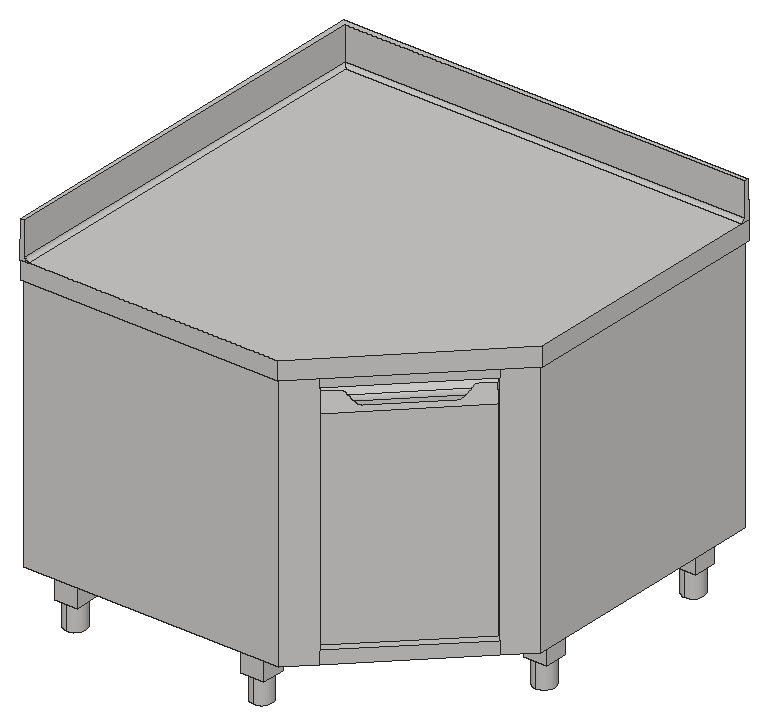
Revit family "QF_ELECTROLUXPROFESSIONAL_132782_MTNASPN", category Attrezzature speciali, Revit 2020
Family settings
  Quota connettore circolare = Usa diametro
  Tipo di parte = Normale
  Basato su piano di lavoro = No
  Sempre verticale = Sì
  Taglio con vuoti quando caricato = No
  Condiviso = No
  Punto di calcolo locali = No
Parameters (values of type "Standard")
  Weight = 85.00 kg
  Watts = 0 W
  Volts = 0 V
  URL Manufacturer = "https://www.electroluxprofessional.com/"
  URL = "https://www.electroluxprofessional.com/"
  Steam Supply Size = 0 mm
  Steam Supply Minimum Pressure = 0.0 Pa
  Steam Supply Maximum Pressure = 0.0 Pa
  Steam Consumption per Hour = 0
  Refrigeration Suction Line Size = 0.0 mm
  Refrigeration Liquid Line Size = 0.0 mm
  Refrigerant Compressor Remote = yes
  Prospetto di default = 0.0 mm
  Phase = 0
  Modello = "MTNASPN"
  Produttore = "Electrolux Professional"
  Length Actual = 1100.0 mm  # constant formula
  Item Number = "132782"
  Hot Water Size = 0 mm
  Height Actual = 1000.0 mm  # constant formula
  HP = "0 HP"
  Gas Size = 0 mm
  Gas KW = 0
  Gas Input Pressure = 0 W
  Direct Waste Size = 0 mm
  Descrizione = "WORKTOP CUPB+UPSTAND+SHELF+1 DOOR-CORNER"
  Depth Actual = 1100.0 mm  # constant formula
  Cycle = 0 Hz
  Condensate Return Size = 0 mm
  Compressed Air Volume = 0.0 L/s
  Compressed Air Size = 0 mm
  Compressed Air Pressure = 0.0 Pa
  Cold Water Size = 0 mm
  Accessory = yes
Reference planes
  plane 1: z = 0
  plane 2 "Base": z = 1000
  plane 3 "TOP": z = 900
  plane 4 "FEET": z = 150
  plane 5 "Left": x = -795
  plane 6 "Back": y = 628.191
  plane 7: y = -71.809
  plane 8: x = -95
  plane 9 "Front": y = -471.809
  plane 10 "Right": x = 305
  plane 11 "Center (Left/Right)": x = -245
  plane 12 "Center (Front/Back)": y = 78.191
  plane 13: z = 1000
  plane 14 "plane45": through (-95, -471.809, 4000) normal (-0.7071, 0.7071, 0)
  plane 15: x = -712
  plane 16: y = 545.191
  plane 17: y = -388.809
  plane 18: x = -205
  plane 19: y = 38.191
  plane 20: x = 222
Forms (mm)
  Extrusion 1, solid, material "QF_Finishes_Stainless Steel"
    sketch origin (6.312, 251.143, 150) x (-0.707107, -0.707107, 0) y (0.707107, -0.707107, 0)
      loop
        line (300, -777.365) -> (1021.956, -55.409) -> (566.481, 400.065) -> (492, 400.065) -> (492, 434.065) -> (108, 434.065) -> (108, 400.065) -> (33.519, 400.065) -> (-421.956, -55.409) -> (300, -777.365)
    from 0 to 35
  Extrusion 2, solid, material "QF_Finishes_Stainless Steel"
    sketch origin (6.312, 251.143, 0) x (0.707107, 0.707107, 0) y (-0.707107, 0.707107, 0)
      loop
        line (-580.565, -434.065) -> (-492, -434.065) -> (-492, -400.065) -> (-566.481, -400.065) -> (-1021.956, 55.409) -> (-300, 777.365) -> (421.956, 55.409) -> (-33.519, -400.065) -> (-108, -400.065) -> (-108, -434.065) -> (-19.435, -434.065) -> (470.039, 55.409) -> (-300, 825.449) -> (-1070.039, 55.409) -> (-580.565, -434.065)
    from 150 to 850
  Extrusion 3, solid, material "QF_Finishes_Stainless Steel"
    sketch origin (0, 0, 900) x (0, 1, 0) y (-1, 0, 0)
      loop
        line (628.191, -305) -> (628.191, 795) -> (-471.809, 795) -> (-471.809, 95) -> (-71.809, -305) -> (628.191, -305)
    from 0 to -50
  Sweep 4, solid, material "QF_Finishes_Stainless Steel"
    path origin (0, 0, 900) x (0, 1, 0) y (-1, 0, 0)
      loop
        line (-471.809, 795) -> (628.191, 795) -> (628.191, -305)
    profile origin (-795, 78.191, 900) x (-1, 0, 0) y (0, 0, 1)
      loop
        line (0, 0) -> (0, 100) -> (-13, 100) -> (-13, 10)
        arc (-13, 10) -> (-15.929, 2.929) -> (-23, 0) r 10
        line (-23, 0) -> (0, 0)
  Extrusion 5, solid, material "QF_Finishes_Stainless Steel"
    sketch origin (-7.071, 7.071, 900) x (0, 1, 0) y (-1, 0, 0)
      loop
        line (-108.114, -212.834) -> (-106.7, -211.42) -> (-108.821, -209.298) -> (-110.235, -210.712) -> (-108.114, -212.834)
    from -40 to -43.588
  Extrusion 6, solid, material "QF_Finishes_Stainless Steel"
    sketch origin (0, 0, 900) x (0, 1, 0) y (-1, 0, 0)
      loop
        line (-403.684, 34.654) -> (-132.155, -236.875) -> (-108.114, -212.834) -> (-379.643, 58.695) -> (-403.684, 34.654)
    from -50 to -75
Lines and regions (mm)
  symbolic lines
    curve 1: line (-795, 628.191, 900) -> (-795, -471.809, 900)
    curve 2: line (305, 628.191, 900) -> (-795, 628.191, 900)
    curve 3: line (305, -71.809, 900) -> (305, 628.191, 900)
    curve 4: line (-95, -471.809, 900) -> (305, -71.809, 900)
    curve 5: line (-795, -471.809, 900) -> (-95, -471.809, 900)
    curve 6: line (-782, -471.809, 900) -> (-782, 615.191, 900)
    curve 7: line (-782, 615.191, 900) -> (305, 615.191, 900)
Dimensions and locks
  locked: plane 4 "FEET" to level at 150
  locked: plane 2 "Base" to level at 1000
  plane 6 "Back" to plane 7 = 700.0 mm
  plane 8 to plane 5 "Left" = 700.0 mm
  plane 6 "Back" to plane 9 "Front" = 1100.0 mm
  plane 10 "Right" to plane 5 "Left" = 1100.0 mm
  equal spacing: plane 5 "Left", plane 11 "Center (Left/Right)", plane 10 "Right"
  equal spacing: plane 9 "Front", plane 12 "Center (Front/Back)", plane 6 "Back"
  plane 8 to plane 10 "Right" = 400.0 mm
  plane 7 to plane 9 "Front" = 400.0 mm
  plane 3 "TOP" to level = 900.0 mm
  plane 5 "Left" to plane 15 = 83.0 mm
  plane 6 "Back" to plane 16 = 83.0 mm
  plane 9 "Front" to plane 17 = 83.0 mm
  plane 18 to plane 8 = 110.0 mm
  plane 19 to plane 7 = 110.0 mm
  plane 20 to plane 10 "Right" = 83.0 mm
  aligned and locked: level to plane 1
Automatic sketch dimensions
  Extrusion 2 sketch curve to plane 8 = 2.278 mm
  Extrusion 2 sketch curve to plane 9 "Front" = 5.5 mm  (x2)
  Extrusion 2 sketch curve to plane 6 "Back" = 5.5 mm
  Extrusion 2 sketch curve to plane 10 "Right" = 5.5 mm
  plane 5 "Left" to Extrusion 2 sketch curve = 39.5 mm
  Extrusion 2 sketch curve to Extrusion 2 sketch curve = 0.0 mm
  plane 5 "Left" to Extrusion 2 sketch curve = 5.5 mm
  Extrusion 2 sketch curve to plane 8 = 16.361 mm
  Extrusion 2 sketch curve to plane 9 "Front" = 39.5 mm
  plane 7 to Extrusion 2 sketch curve = 16.361 mm
  Extrusion 2 sketch curve to Extrusion 2 sketch curve = 74.481 mm  (x2)
  plane 7 to Extrusion 2 sketch curve = 2.278 mm
  Extrusion 2 sketch curve to Extrusion 2 sketch curve = 48.083 mm
  Extrusion 1 sketch curve to Extrusion 1 sketch curve = 74.481 mm  (x2)
  Extrusion 1 sketch curve to Extrusion 1 sketch curve = 384.0 mm
  Extrusion 1 sketch curve to Extrusion 1 sketch curve = 455.475 mm
  plane 5 "Left" to Extrusion 1 sketch curve = 39.5 mm
  Extrusion 1 sketch curve to Extrusion 1 sketch curve = 721.956 mm
  Extrusion 1 sketch curve to Extrusion 1 sketch curve = 34.0 mm
  Extrusion 3 sketch curve to plane 8 = 0.0 mm
  plane 9 "Front" to Extrusion 3 sketch curve = 0.0 mm
  Extrusion 3 sketch curve to plane 7 = 0.0 mm
  Extrusion 3 sketch curve to plane 6 "Back" = 0.0 mm
  Extrusion 3 sketch curve to plane 10 "Right" = 0.0 mm
  Extrusion 3 sketch curve to plane 5 "Left" = 0.0 mm
  plane 9 "Front" to Sweep 4 sketch curve = 0.0 mm
  Sweep 4 sketch curve to plane 5 "Left" = 0.0 mm
  Sweep 4 sketch curve to plane 6 "Back" = 0.0 mm
  Sweep 4 sketch curve to plane 10 "Right" = 0.0 mm
  Sweep 4 sketch curve to profile plane = 0.0 mm
  Sweep 4 sketch curve to plane 3 "TOP" = 0.0 mm
  profile plane to Sweep 4 sketch curve = 13.0 mm
  Sweep 4 sketch curve to Sweep 4 sketch curve = 10.0 mm
  Sweep 4 sketch curve to Sweep 4 sketch curve = 90.0 mm
  Extrusion 5 sketch curve to plane 7 = 31.355 mm
  Extrusion 5 sketch curve to Extrusion 5 sketch curve = 1.414 mm  (x2)
  Extrusion 5 sketch curve to plane 10 "Right" = 101.359 mm
  Extrusion 5 sketch curve to Extrusion 5 sketch curve = 2.121 mm
  plane 14 "plane45" to Extrusion 1 sketch curve = 494.975 mm
  Extrusion 1 sketch curve to plane 6 "Back" = 39.5 mm
  plane 14 "plane45" to Extrusion 1 sketch curve = 39.5 mm
  Extrusion 2 sketch curve to Extrusion 2 sketch curve = 88.565 mm
  plane 8 to Extrusion 6 sketch curve = 36.305 mm
  Extrusion 6 sketch curve to plane 9 "Front" = 92.166 mm
  Extrusion 6 sketch curve to plane 7 = 36.305 mm
  plane 8 to Extrusion 6 sketch curve = 60.346 mm
  Extrusion 6 sketch curve to Extrusion 6 sketch curve = 24.042 mm
  curve 1 to plane 5 "Left" = 0.0 mm
  curve 2 to plane 6 "Back" = 0.0 mm
  curve 2 to plane 10 "Right" = 0.0 mm
  curve 3 to plane 7 = 0.0 mm
  curve 4 to plane 8 = 0.0 mm
  plane 9 "Front" to curve 4 = 0.0 mm
  curve 7 to plane 6 "Back" = 13.0 mm
  plane 5 "Left" to curve 6 = 13.0 mm
Nested families
  nested 1: "FEET_L63-150" at (-712, -388.809, 0) x (0, 1, 0) z (0, 0, 1), type "FEET_L63-150"
  nested 2: "H670_400ang_1DOOR" at (44.513, -262.293, 192) x (0.7071, 0.7071, 0) z (0.7071, -0.7071, 0), type "H670_400ang_1DOOR"
    with Width 452.0 mm, Show Clearance yes
  nested 3: "FEET_L63-150" at (-712, 545.191, 0) x (0, 1, 0) z (0, 0, 1), type "FEET_L63-150"
  nested 4: "FEET_L63-150" at (222, 545.191, 0) x (0, 1, 0) z (0, 0, 1), type "FEET_L63-150"
  nested 5: "FEET_L63-150" at (222, 38.191, 0) x (0, 1, 0) z (0, 0, 1), type "FEET_L63-150"
  nested 6: "FEET_L63-150" at (-205, -388.809, 0) x (0, 1, 0) z (0, 0, 1), type "FEET_L63-150"
  nested 7: "FEET_L63-150" at (-285, 118.191, 0) x (0, 1, 0) z (0, 0, 1), type "FEET_L63-150"
Definition of nested family "FEET_L63-150"
  Parameters
    Default Elevation = 0.0 mm
    FEET = 150.0 mm
  Reference planes
    plane 1 "Center (Front/Back)": y = 0
    plane 2: z = 0
    plane 3 "Center (Left/Right)": x = 0
    plane 4: z = 150
  Forms (mm)
    Extrusion 1, solid
      sketch origin (0, 0, 0) x (1, 0, 0) y (0, 1, 0)
        loop
          circle (0, 0) r 28
      from 0 to 67
    Extrusion 2, solid
      sketch origin (0, 0, 0) x (1, 0, 0) y (0, 1, 0)
        loop
          line (31.561, 31.5) -> (-31.439, 31.5) -> (-31.439, -31.5) -> (31.561, -31.5) -> (31.561, 31.5)
      from 67 to 150 <- "FEET"
  Lines and regions (mm)
    symbolic lines
      curve 1: line (0, -1.503, 0) -> (0, 1.508, 0)
      curve 2: line (1.561, 0, 0) -> (-1.439, 0, 0)
  Dimensions and locks
    "FEET": plane 4 to plane 2
    aligned and locked: level to plane 2
  Automatic sketch dimensions
    plane 1 "Center (Front/Back)" to Extrusion 1 sketch curve = 0.0 mm
    Extrusion 1 sketch curve to plane 3 "Center (Left/Right)" = 0.0 mm
    plane 1 "Center (Front/Back)" to curve 2 = 0.0 mm
    curve 1 to plane 3 "Center (Left/Right)" = 0.0 mm
    curve 2 to plane 3 "Center (Left/Right)" = 1.439 mm
    plane 3 "Center (Left/Right)" to curve 2 = 1.561 mm
    plane 1 "Center (Front/Back)" to curve 1 = 1.503 mm
    curve 1 to plane 1 "Center (Front/Back)" = 1.508 mm
    Extrusion 2 sketch curve to plane 1 "Center (Front/Back)" = 31.5 mm
    Extrusion 2 sketch curve to plane 3 "Center (Left/Right)" = 31.439 mm
    plane 3 "Center (Left/Right)" to Extrusion 2 sketch curve = 31.561 mm
    plane 1 "Center (Front/Back)" to Extrusion 2 sketch curve = 31.5 mm
    radius of Extrusion 1 sketch curve = 28.0 mm
Definition of nested family "H670_400ang_1DOOR"
  Parameters
    Width [instance] = 452.0 mm
    Show Clearance [instance] = yes
    Model = "727995"
    Height = 670.0 mm
    Default Elevation = 0.0 mm
  Reference planes
    plane 1 "Center (Front/Back)": y = 0
    plane 2: z = 0
    plane 3 "Center (Left/Right)": x = 36.042
    plane 4 "panel": z = 25
    plane 5 "Left": x = -189.958
    plane 6 "Right": x = 262.042
    plane 7: y = 670
    plane 8: z = 45
    plane 9: x = 225.042
    plane 10: x = -152.958
    plane 11: y = 632
    plane 12: y = 3
    plane 13: z = 425
  Forms (mm)
    Extrusion 1, solid
      sketch origin (0, -919.2, 0) x (1, 0, 0) y (0, 1, 0)
        loop
          line (-980.5, 2119.2) -> (-980.5, -162.846) -> (881.94, -162.846) -> (881.94, 2119.2) -> (-980.5, 2119.2)
      from 0 to -59.546
    Extrusion 2, solid
      sketch origin (36.042, -219.693, 0) x (0, 1, 0) y (0, 0, 1)
        loop
          line (808.63, 49.734) -> (808.63, 47.734) -> (818.98, 47.734)
          arc (818.98, 47.734) -> (825.586, 46.42) -> (831.186, 42.679) r 17.261
          line (831.186, 42.679) -> (848.019, 25.845) -> (851.693, 25) -> (832.6, 44.093)
          arc (832.6, 44.093) -> (826.351, 48.268) -> (818.98, 49.734) r 19.261
          line (818.98, 49.734) -> (808.63, 49.734)
      from -189 to 189
    Extrusion 3, void
      sketch origin (0, -219.693, 25) x (1, 0, 0) y (0, 1, 0)
        loop
          line (230.066, 799.859) -> (230.066, 840.08) -> (184.05, 840.08)
          arc (184.05, 840.08) -> (176.397, 838.557) -> (169.908, 834.222) r 20
          line (169.908, 834.222) -> (150.174, 814.488)
          arc (150.174, 814.488) -> (143.686, 810.152) -> (136.032, 808.63) r 20
          line (136.032, 808.63) -> (-63.948, 808.63)
          arc (-63.948, 808.63) -> (-71.602, 810.152) -> (-78.09, 814.488) r 20
          line (-78.09, 814.488) -> (-97.824, 834.222)
          arc (-97.824, 834.222) -> (-104.313, 838.557) -> (-111.966, 840.08) r 20
          line (-111.966, 840.08) -> (-157.982, 840.08) -> (-157.982, 799.859) -> (230.066, 799.859)
      from 0 to 27.674
    Extrusion 4, solid
      sketch origin (36.042, -190, 0) x (0, 1, 0) y (0, 0, 1)
        loop
          line (193, 40) -> (193, 0) -> (822, 0) -> (822, 25) -> (756.797, 40) -> (193, 40)
      from 189 to -189
    Extrusion 5, solid, detail levels coarse
      sketch origin (0, 0, 0) x (1, 0, 0) y (0, 0, 1)
        loop
          line (225.042, 49.734) -> (225.042, 425)
          arc (225.042, 425) -> (-34.918, 309.015) -> (-152.413, 49.734) r 401.022
          line (-152.413, 49.734) -> (225.042, 49.734)
      from -3 to -632
  Cuts and joins
    Extrusion 3 cuts Extrusion 2
  Lines and regions (mm)
    symbolic lines
      curve 1: arc (225.042, 0, 425) -> (-34.918, 0, 309.015) -> (-152.413, 0, 49.734) r 401.022
      curve 2: line (225.042, 0, 49.734) -> (225.042, 0, 425)
  Dimensions and locks
    plane 4 "panel" to level = 25.0 mm
    "Width": plane 5 "Left" to plane 6 "Right"
    equal spacing: plane 5 "Left", plane 3 "Center (Left/Right)", plane 6 "Right"
    "Height": plane 1 "Center (Front/Back)" to plane 7
    plane 9 to plane 6 "Right" = 37.0 mm
    plane 5 "Left" to plane 10 = 37.0 mm
    plane 7 to plane 11 = 38.0 mm
    plane 1 "Center (Front/Back)" to plane 12 = 3.0 mm
    plane 10 to plane 9 = 378.0 mm
    aligned and locked: plane 2 to Extrusion 1
    aligned and locked: level to Extrusion 1
    aligned and locked: plane 10 to Extrusion 2
    aligned and locked: plane 9 to Extrusion 2
    aligned and locked: plane 10 to Extrusion 4
    aligned and locked: plane 9 to Extrusion 4
  Automatic sketch dimensions
    Extrusion 1 sketch curve to Extrusion 1 sketch curve = 1862.44 mm
    Extrusion 1 sketch curve to Extrusion 1 sketch curve = 2282.046 mm
    Extrusion 4 sketch curve to level = 0.0 mm
    Extrusion 4 sketch curve to plane 12 = 0.0 mm
    Extrusion 4 sketch curve to plane 4 "panel" = 0.0 mm
    Extrusion 4 sketch curve to plane 11 = 0.0 mm
    Extrusion 4 sketch curve to plane 8 = 5.0 mm
    Extrusion 4 sketch curve to plane 11 = 65.203 mm
    Extrusion 2 sketch curve to Extrusion 2 sketch curve = 0.0 mm  (x2)
    Extrusion 2 sketch curve to plane 4 "panel" = 0.0 mm
    Extrusion 2 sketch curve to plane 11 = 0.0 mm
    Extrusion 2 sketch curve to plane 8 = 0.907 mm
    Extrusion 2 sketch curve to plane 11 = 19.093 mm
    Extrusion 2 sketch curve to plane 8 = 2.321 mm
    Extrusion 2 sketch curve to Extrusion 2 sketch curve = 1.414 mm
    plane 4 "panel" to Extrusion 2 sketch curve = 5.474 mm
    Extrusion 2 sketch curve to Extrusion 2 sketch curve = 12.205 mm
    Extrusion 2 sketch curve to Extrusion 2 sketch curve = 10.351 mm
    plane 4 "panel" to Extrusion 2 sketch curve = 0.845 mm
    Extrusion 2 sketch curve to plane 11 = 3.674 mm
    Extrusion 5 sketch curve to plane 9 = 0.0 mm
    Extrusion 5 sketch curve to plane 13 = 0.0 mm
    Extrusion 5 sketch curve to plane 10 = 0.545 mm
    Extrusion 5 sketch curve to plane 4 "panel" = 0.374 mm
    Extrusion 5 sketch curve to Extrusion 5 sketch curve = 22.78 mm
    plane 10 to Extrusion 3 sketch curve = 5.024 mm
    Extrusion 3 sketch curve to plane 10 = 40.992 mm
    Extrusion 3 sketch curve to plane 11 = 17.471 mm  (x2)
    Extrusion 3 sketch curve to Extrusion 3 sketch curve = 14.142 mm  (x7)
    Extrusion 3 sketch curve to Extrusion 3 sketch curve = 19.734 mm  (x2)
    Extrusion 3 sketch curve to plane 11 = 23.063 mm
    Extrusion 3 sketch curve to plane 9 = 89.01 mm
    Extrusion 3 sketch curve to plane 11 = 37.205 mm
    plane 9 to Extrusion 3 sketch curve = 5.024 mm
    Extrusion 3 sketch curve to plane 11 = 51.834 mm
    curve 1 to plane 9 = 0.0 mm
    curve 2 to plane 13 = 0.0 mm
    curve 1 to plane 4 "panel" = 0.374 mm
    curve 1 to plane 6 "Right" = 14.22 mm
    curve 1 to plane 10 = 0.545 mm
    plane 8 to curve 2 = 4.734 mm
